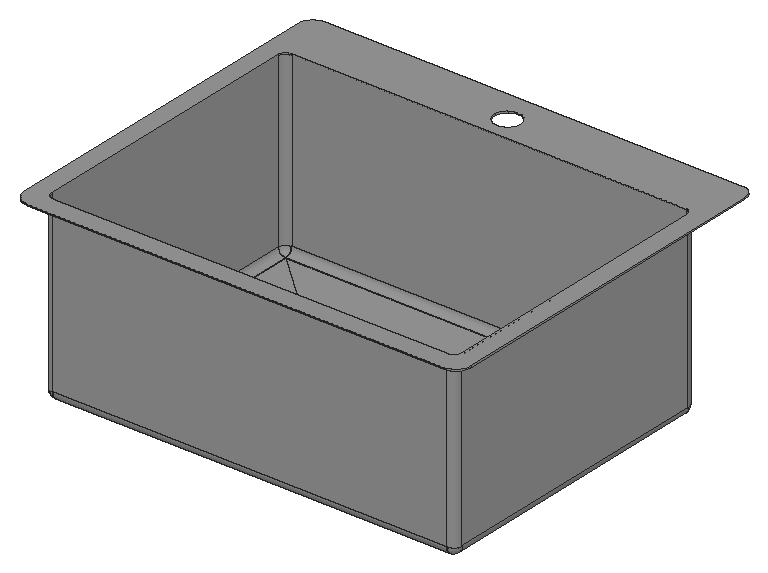
Revit family "BUILDMAT-TLAN004-River-600-Tap-Landing-Stainless-Steel", category Plumbing Fixtures, host Face, Revit 2020
Family settings
  Host = Face
  Round Connector Dimension = Use Diameter
  Part Type = Normal
  Cut with Voids When Loaded = No
  Shared = No
  Room Calculation Point = No
Parameters (values of type "River 600x500x250mm")
  Width = 550.0 mm
  Undermount [instance] = 0.0 mm
  URL = "https://www.buildmat.com.au/products/river-600-single-bowl-tap-landing-sink"
  Model = "TLAN004"  # constant formula
  Manufacturer URL = "https://www.buildmat.com.au/"
  Manufacturer = "BUILDMAT"  # constant formula
  Length = 400.0 mm
  Description = "BUILDMAT - River 600x500 Medium Single Bowl with Tap Landing Sink"  # constant formula
  Depth = 250.0 mm
  Default Elevation = 1219.2 mm
  Created By URL = "https://www.buildmat.com.au/"
  Created By = "BUILDMAT"  # constant formula
  Created = "22.06.2022"  # constant formula
  Material = BUILDMAT Stainless Steel
Reference planes
  plane 1 "Center (Front/Back)": y = 0
  plane 2: z = 0
  plane 3 "Center (Left/Right)": x = 0
  plane 4 "Top Substrate": z = 0
  plane 5 "Left": x = -275
  plane 6 "Right": x = 275
  plane 7 "Back": y = 200
  plane 8 "Front": y = -200
  plane 9: x = -300
  plane 10: x = 300
  plane 11: y = -225
  plane 12: y = 275
  plane 13 "Bottom Void": z = -250
  plane 14: z = 1.5
  plane 15: x = -276.5
  plane 16: y = -201.5
  plane 17: x = 276.5
  plane 18: y = 201.5
  plane 19: z = -240
  plane 20: z = -230
  plane 21: x = -265
  plane 22: x = 265
  plane 23: y = -190
  plane 24: y = 190
  plane 25: z = -245
  plane 26: z = -241.5
  plane 27: z = -246.5
  plane 28: x = -100
  plane 29: x = 100
  plane 30 "Sound Pad": z = -130
  plane 31 "Front Bracket": y = -100
  plane 32 "Back Bracket": y = 100
  plane 33: x = -175
  plane 34: x = 175
  plane 35: x = -57
  plane 36: x = 57
  plane 37: x = -45
  plane 38: x = 45
  plane 39: y = 232
  plane 40: y = 251.5
  plane 41: x = -288.2
  plane 42: z = -15
  plane 43: x = 288.2
  plane 44: x = -286.7
  plane 45: x = 286.7
Forms (mm)
  Extrusion 1, void
    sketch origin (0, 0, 0) x (1, 0, 0) y (0, 1, 0)
      loop
        arc (-265, 200) -> (-272.071, 197.071) -> (-275, 190) r 10
        line (-275, 190) -> (-275, -190)
        arc (-275, -190) -> (-272.071, -197.071) -> (-265, -200) r 10
        line (-265, -200) -> (265, -200)
        arc (265, -200) -> (272.071, -197.071) -> (275, -190) r 10
        line (275, -190) -> (275, 190)
        arc (275, 190) -> (272.071, 197.071) -> (265, 200) r 10
        line (265, 200) -> (-265, 200)
    from 0 to 1.5
  Extrusion 2, void
    sketch origin (0, 0, 0) x (1, 0, 0) y (0, 1, 0)
      loop
        line (-276.5, 201.5) -> (-276.5, -201.5) -> (276.5, -201.5) -> (276.5, 201.5) -> (-276.5, 201.5)
    from 0 to -250
  Extrusion 3, void
    sketch origin (0, 0, 0) x (1, 0, 0) y (0, 1, 0)
      loop
        arc (-280, 275) -> (-294.142, 269.142) -> (-300, 255) r 20
        line (-300, 255) -> (-300, -205)
        arc (-300, -205) -> (-294.142, -219.142) -> (-280, -225) r 20
        line (-280, -225) -> (280, -225)
        arc (280, -225) -> (294.142, -219.142) -> (300, -205) r 20
        line (300, -205) -> (300, 255)
        arc (300, 255) -> (294.142, 269.142) -> (280, 275) r 20
        line (280, 275) -> (-280, 275)
    from 1.5 to 0
  Extrusion 4, solid, material "BUILDMAT Stainless Steel" <- "Material"
    sketch origin (0, 0, 0) x (-1, 0, 0) y (0, -1, 0)
      loop
        arc (280, -275) -> (294.142, -269.142) -> (300, -255) r 20
        line (300, -255) -> (300, 205)
        arc (300, 205) -> (294.142, 219.142) -> (280, 225) r 20
        line (280, 225) -> (-280, 225)
        arc (-280, 225) -> (-294.142, 219.142) -> (-300, 205) r 20
        line (-300, 205) -> (-300, -255)
        arc (-300, -255) -> (-294.142, -269.142) -> (-280, -275) r 20
        line (-280, -275) -> (280, -275)
      loop
        arc (265, -200) -> (272.071, -197.071) -> (275, -190) r 10
        line (275, -190) -> (275, 190)
        arc (275, 190) -> (272.071, 197.071) -> (265, 200) r 10
        line (265, 200) -> (-265, 200)
        arc (-265, 200) -> (-272.071, 197.071) -> (-275, 190) r 10
        line (-275, 190) -> (-275, -190)
        arc (-275, -190) -> (-272.071, -197.071) -> (-265, -200) r 10
        line (-265, -200) -> (265, -200)
    from 0 to 1.5
  Extrusion 5, solid, material "BUILDMAT Stainless Steel" <- "Material"
    sketch origin (0, 0, 0) x (-1, 0, 0) y (0, -1, 0)
      loop
        arc (265, -201.5) -> (273.132, -198.132) -> (276.5, -190) r 11.5
        line (276.5, -190) -> (276.5, 190)
        arc (276.5, 190) -> (273.132, 198.132) -> (265, 201.5) r 11.5
        line (265, 201.5) -> (-265, 201.5)
        arc (-265, 201.5) -> (-273.132, 198.132) -> (-276.5, 190) r 11.5
        line (-276.5, 190) -> (-276.5, -190)
        arc (-276.5, -190) -> (-273.132, -198.132) -> (-265, -201.5) r 11.5
        line (-265, -201.5) -> (265, -201.5)
      loop
        arc (-265, 200) -> (-272.071, 197.071) -> (-275, 190) r 10
        line (-275, 190) -> (-275, -190)
        arc (-275, -190) -> (-272.071, -197.071) -> (-265, -200) r 10
        line (-265, -200) -> (265, -200)
        arc (265, -200) -> (272.071, -197.071) -> (275, -190) r 10
        line (275, -190) -> (275, 190)
        arc (275, 190) -> (272.071, 197.071) -> (265, 200) r 10
        line (265, 200) -> (-265, 200)
    from 0 to -230
  Revolve 6, solid, material "BUILDMAT Stainless Steel" <- "Material"
    sketch origin (-175.162, 190, 1219.2) x (-1, 0, 0) y (0, 0, 1)
      loop
        line (-450.162, -1449.2) -> (-451.662, -1449.2)
        arc (-451.662, -1449.2) -> (-448.293, -1457.332) -> (-440.162, -1460.7) r 11.5
        line (-440.162, -1460.7) -> (-440.162, -1459.2)
        arc (-440.162, -1459.2) -> (-447.233, -1456.271) -> (-450.162, -1449.2) r 10
      axis (-440.162, -1460.7) -> (-440.162, -1449.2)
    angle from 0 to -90
  Revolve 7, solid, material "BUILDMAT Stainless Steel" <- "Material"
    sketch origin (-175.162, 190, 1219.2) x (-1, 0, 0) y (0, 0, 1)
      loop
        arc (99.838, -1449.2) -> (96.909, -1456.271) -> (89.838, -1459.2) r 10
        line (89.838, -1459.2) -> (89.838, -1460.7)
        arc (89.838, -1460.7) -> (97.97, -1457.332) -> (101.338, -1449.2) r 11.5
        line (101.338, -1449.2) -> (99.838, -1449.2)
      axis (89.838, -1449.2) -> (89.838, -1460.7)
    angle from 0 to -90
  Revolve 8, solid, material "BUILDMAT Stainless Steel" <- "Material"
    sketch origin (-175.162, -190, 1219.2) x (-1, 0, 0) y (0, 0, 1)
      loop
        arc (99.838, -1449.2) -> (96.909, -1456.271) -> (89.838, -1459.2) r 10
        line (89.838, -1459.2) -> (89.838, -1460.7)
        arc (89.838, -1460.7) -> (97.97, -1457.332) -> (101.338, -1449.2) r 11.5
        line (101.338, -1449.2) -> (99.838, -1449.2)
      axis (89.838, -1449.2) -> (89.838, -1460.7)
    angle from 0 to 90
  Revolve 9, solid, material "BUILDMAT Stainless Steel" <- "Material"
    sketch origin (-175.162, -190, 1219.2) x (-1, 0, 0) y (0, 0, 1)
      loop
        line (-450.162, -1449.2) -> (-451.662, -1449.2)
        arc (-451.662, -1449.2) -> (-448.293, -1457.332) -> (-440.162, -1460.7) r 11.5
        line (-440.162, -1460.7) -> (-440.162, -1459.2)
        arc (-440.162, -1459.2) -> (-447.233, -1456.271) -> (-450.162, -1449.2) r 10
      axis (-440.162, -1449.2) -> (-440.162, -1460.7)
    angle from 0 to 90
  Extrusion 10, solid, material "BUILDMAT Stainless Steel" <- "Material"
    sketch origin (0, 0, 0) x (1, 0, 0) y (0, 0, 1)
      loop
        line (-275, -230) -> (-276.5, -230)
        arc (-276.5, -230) -> (-273.132, -238.132) -> (-265, -241.5) r 11.5
        line (-265, -241.5) -> (-265, -240)
        arc (-265, -240) -> (-272.071, -237.071) -> (-275, -230) r 10
    from -190 to 190
  Extrusion 11, solid, material "BUILDMAT Stainless Steel" <- "Material"
    sketch origin (0, 0, 0) x (1, 0, 0) y (0, 0, 1)
      loop
        arc (275, -230) -> (272.071, -237.071) -> (265, -240) r 10
        line (265, -240) -> (265, -241.5)
        arc (265, -241.5) -> (273.132, -238.132) -> (276.5, -230) r 11.5
        line (276.5, -230) -> (275, -230)
    from -190 to 190
  Extrusion 12, solid, material "BUILDMAT Stainless Steel" <- "Material"
    sketch origin (0, 0, 0) x (0, 1, 0) y (0, 0, 1)
      loop
        arc (200, -230) -> (197.071, -237.071) -> (190, -240) r 10
        line (190, -240) -> (190, -241.5)
        arc (190, -241.5) -> (198.132, -238.132) -> (201.5, -230) r 11.5
        line (201.5, -230) -> (200, -230)
    from -265 to 265
  Extrusion 13, solid, material "BUILDMAT Stainless Steel" <- "Material"
    sketch origin (0, 0, 0) x (0, 1, 0) y (0, 0, 1)
      loop
        line (-200, -230) -> (-201.5, -230)
        arc (-201.5, -230) -> (-198.132, -238.132) -> (-190, -241.5) r 11.5
        line (-190, -241.5) -> (-190, -240)
        arc (-190, -240) -> (-197.071, -237.071) -> (-200, -230) r 10
    from -265 to 265
  Revolve 14, solid, material "BUILDMAT Stainless Steel" <- "Material"
    sketch origin (0, 0, 0) x (1, 0, 0) y (0, 0, 1)
      loop
        line (-45, -250) -> (-45, -248.5)
        spline (-45, -248.5) -> (-46.484, -248.459) -> (-47.939, -248.339) -> (-49.337, -248.141) -> (-50.649, -247.871) -> (-51.848, -247.537) -> (-52.908, -247.151) -> (-53.805, -246.726) -> (-54.514, -246.283) -> (-55.023, -245.856) -> (-55.329, -245.483) -> (-55.468, -245.202) -> (-55.5, -245)
        line (-55.5, -245) -> (-57, -245)
        spline (-57, -245) -> (-56.897, -245.653) -> (-56.591, -246.294) -> (-56.087, -246.913) -> (-55.392, -247.5) -> (-54.52, -248.044) -> (-53.485, -248.536) -> (-52.305, -248.967) -> (-51, -249.33) -> (-49.592, -249.619) -> (-48.106, -249.83) -> (-46.566, -249.957) -> (-45, -250)
      axis (0, -245) -> (0, -250)
    angle from 0 to 360
  Blend 15, solid, material "BUILDMAT Stainless Steel" <- "Material"
    base sketch origin (0, 0, 0) x (-1, 0, 0) y (0, -1, 0)
      loop
        circle (0, 0) r 57
    top sketch origin (0, 0, 0) x (-1, 0, 0) y (0, -1, 0)
      loop
        line (265, -190) -> (265, 190) -> (-265, 190) -> (-265, -190) -> (265, -190)
    from -246.5 to -241.5
  Blend 16, void
    base sketch origin (0, 0, 0) x (-1, 0, 0) y (0, -1, 0)
      loop
        circle (0, 0) r 57
    top sketch origin (0, 0, 0) x (-1, 0, 0) y (0, -1, 0)
      loop
        line (265, -190) -> (265, 190) -> (-265, 190) -> (-265, -190) -> (265, -190)
    from -245 to -240
  Extrusion 17, solid, material "BUILDMAT Stainless Steel" <- "Material"
    sketch origin (0, 0, 0) x (-1, 0, 0) y (0, -1, 0)
      loop
        line (265, -190) -> (265, 190) -> (-265, 190) -> (-265, -190) -> (265, -190)
    from -241.5 to -240
  Extrusion 18, void
    sketch origin (0, 0, 0) x (-1, 0, 0) y (0, -1, 0)
      loop
        circle (0, 0) r 57
    from -250 to -230
  Extrusion 19, void
    sketch origin (0, 0, 0) x (-1, 0, 0) y (0, -1, 0)
      loop
        circle (0, -232) r 17.5
    from 0 to 100
Cuts and joins
  Extrusion 19 cuts Extrusion 4
  Extrusion 19 cuts Extrusion 5
  joined: Extrusion 4, Extrusion 5
  joined: Revolve 6, Revolve 9
  joined: Revolve 7, Revolve 8
  Blend 16, Extrusion 18 cuts Blend 15
  Blend 16, Extrusion 18 cuts Extrusion 17
  joined: Blend 15, Extrusion 17
Lines and regions (mm)
  Masking region 1
    outline origin (0, 0, 0) x (1, 0, 0) y (0, 0, 1)
      loop
        line (275, 0) -> (-275, 0) -> (-275, -230)
        arc (-275, -230) -> (-272.071, -237.071) -> (-265, -240) r 10
        line (-265, -240) -> (-57, -245) -> (57, -245) -> (265, -240)
        arc (265, -240) -> (272.071, -237.071) -> (275, -230) r 10
        line (275, -230) -> (275, 0)
  Masking region 2
    outline origin (0, 0, 0) x (1, 0, 0) y (0, 0, 1)
      loop
        line (-100, -245.466) -> (-100, -250) -> (-57, -250) -> (-57, -246.5) -> (-100, -245.466)
  Masking region 3
    outline origin (0, 0, 0) x (1, 0, 0) y (0, 0, 1)
      loop
        line (57, -246.5) -> (57, -250) -> (100, -250) -> (100, -245.466) -> (57, -246.5)
  Masking region 4
    outline origin (0, 0, 0) x (1, 0, 0) y (0, 0, 1)
      loop
        line (-288.2, 0) -> (-288.2, -15) -> (-286.7, -15) -> (-286.7, 0) -> (-288.2, 0)
  Masking region 5
    outline origin (0, 0, 0) x (1, 0, 0) y (0, 0, 1)
      loop
        line (286.7, 0) -> (286.7, -15) -> (288.2, -15) -> (288.2, 0) -> (286.7, 0)
Text (mm)
  text "Refer to www.buildmat.com.au for the most current product literature. \nAllow a +/- 5mm tolerance for dimensions shown in the product literature. \nPlease note product details are subject to change due to ongoing product development." at (0.056, -1035.857, 0), in view "Ref. Level"
Dimensions and locks
  "Undermount": plane 2 to plane 4 "Top Substrate"
  equal spacing: plane 5 "Left", plane 3 "Center (Left/Right)", plane 6 "Right"
  "Width": plane 5 "Left" to plane 6 "Right"
  "Length": plane 7 "Back" to plane 8 "Front"
  equal spacing: plane 7 "Back", plane 1 "Center (Front/Back)", plane 8 "Front"
  locked: plane 12 to plane 7 "Back" at 75
  locked: plane 8 "Front" to plane 11 at 25
  locked: plane 9 to plane 5 "Left" at 25
  locked: plane 6 "Right" to plane 10 at 25
  "Depth": plane 4 "Top Substrate" to plane 13 "Bottom Void"
  locked: plane 14 to plane 4 "Top Substrate" at 1.5
  locked: plane 18 to plane 7 "Back" at 1.5
  locked: plane 8 "Front" to plane 16 at 1.5
  plane 15 to plane 5 "Left" = 1.5 mm
  plane 6 "Right" to plane 17 = 1.5 mm
  plane 20 to plane 19 to plane 13 "Bottom Void" = 10.0 mm, 10.0 mm
  locked: plane 5 "Left" to plane 21 at 10
  locked: plane 22 to plane 6 "Right" at 10
  locked: plane 7 "Back" to plane 24 at 10
  locked: plane 23 to plane 8 "Front" at 10
  locked: plane 19 to plane 26 at 1.5
  locked: plane 25 to plane 13 "Bottom Void" at 5
  locked: plane 25 to plane 27 at 1.5
  plane 29 to plane 3 "Center (Left/Right)" to plane 28 = 100.0 mm locked, 100.0 mm locked
  locked: plane 30 "Sound Pad" to plane 13 "Bottom Void" at 120
  locked: plane 7 "Back" to plane 32 "Back Bracket" at 100
  locked: plane 31 "Front Bracket" to plane 8 "Front" at 100
  locked: plane 33 to plane 5 "Left" at 100
  locked: plane 6 "Right" to plane 34 at 100
  plane 37 to plane 3 "Center (Left/Right)" to plane 38 = 45.0 mm locked, 45.0 mm locked
  plane 35 to plane 3 "Center (Left/Right)" to plane 36 = 57.0 mm locked, 57.0 mm locked
  locked: plane 12 to plane 39 at 43
  locked: plane 40 to plane 18 at 50
  plane 44 to plane 41 to plane 9 = 1.5 mm locked, 11.8 mm locked
  plane 10 to plane 43 to plane 45 = 11.8 mm locked, 1.5 mm locked
  locked: plane 4 "Top Substrate" to plane 42 at 15
  aligned and locked: plane 2 to host face
  aligned and locked: level to host face
  aligned and locked: plane 8 "Front" to Extrusion 1 sketch curve
  aligned and locked: Extrusion 1 sketch curve to plane 7 "Back"
  aligned and locked: plane 5 "Left" to Extrusion 1 sketch curve
  aligned and locked: Extrusion 1 sketch curve to plane 6 "Right"
  aligned and locked: plane 2 to Extrusion 1
  aligned and locked: plane 14 to Extrusion 1
  aligned and locked: Extrusion 2 sketch curve to plane 16
  aligned and locked: Extrusion 2 sketch curve to plane 18
  aligned and locked: plane 15 to Extrusion 2 sketch curve
  aligned and locked: plane 17 to Extrusion 2 sketch curve
  aligned and locked: Extrusion 2 to plane 13 "Bottom Void"
  aligned and locked: plane 4 "Top Substrate" to Extrusion 2
  aligned and locked: Extrusion 3 sketch curve to plane 11
  aligned and locked: plane 9 to Extrusion 3 sketch curve
  aligned and locked: Extrusion 3 sketch curve to plane 10
  aligned and locked: Extrusion 3 sketch curve to plane 12
  aligned and locked: Extrusion 3 to plane 4 "Top Substrate"
  aligned and locked: Extrusion 3 to plane 14
  aligned and locked: Extrusion 4 sketch curve to plane 11
  aligned and locked: Extrusion 4 sketch curve to plane 12
  aligned and locked: plane 9 to Extrusion 4 sketch curve
  aligned and locked: Extrusion 4 sketch curve to plane 10
  aligned and locked: plane 5 "Left" to Extrusion 4 sketch curve
  aligned and locked: Extrusion 4 sketch curve to plane 6 "Right"
  aligned and locked: Extrusion 4 sketch curve to plane 7 "Back"
  aligned and locked: plane 8 "Front" to Extrusion 4 sketch curve
  aligned and locked: Extrusion 5 sketch curve to plane 7 "Back"
  aligned and locked: plane 5 "Left" to Extrusion 5 sketch curve
  aligned and locked: Extrusion 5 sketch curve to plane 6 "Right"
  aligned and locked: plane 8 "Front" to Extrusion 5 sketch curve
  aligned and locked: plane 15 to Extrusion 5 sketch curve
  aligned and locked: Extrusion 5 sketch curve to plane 16
  aligned and locked: plane 17 to Extrusion 5 sketch curve
  aligned and locked: Extrusion 5 sketch curve to plane 18
  aligned and locked: Extrusion 5 to plane 20
  aligned and locked: plane 4 "Top Substrate" to Extrusion 5
  aligned and locked: Extrusion 11 to plane 23
  aligned and locked: plane 24 to Extrusion 11
  aligned and locked: plane 24 to Extrusion 10
  aligned and locked: Extrusion 10 to plane 23
  aligned and locked: Extrusion 13 to plane 21
  aligned and locked: plane 22 to Extrusion 13
  aligned and locked: plane 22 to Extrusion 12
  aligned and locked: Extrusion 12 to plane 21
  aligned and locked: plane 21 to Blend 15 sketch curve
  aligned and locked: Blend 15 sketch curve to plane 22
  aligned and locked: Blend 15 sketch curve to plane 23
  aligned and locked: Blend 15 sketch curve to plane 24
  aligned and locked: plane 27 to Blend 15
  aligned and locked: Blend 15 to plane 26
  aligned and locked: Blend 16 sketch curve to plane 24
  aligned and locked: plane 21 to Blend 16 sketch curve
  aligned and locked: Blend 16 sketch curve to plane 22
  aligned and locked: Blend 16 sketch curve to plane 23
  aligned and locked: Blend 16 to plane 25
  aligned and locked: Blend 16 to plane 19
  aligned and locked: Extrusion 17 sketch curve to plane 24
  aligned and locked: Extrusion 17 sketch curve to plane 23
  aligned and locked: plane 21 to Extrusion 17 sketch curve
  aligned and locked: Extrusion 17 sketch curve to plane 22
  aligned and locked: Extrusion 17 to plane 26
  aligned and locked: Extrusion 17 to plane 19
  aligned and locked: Extrusion 18 to plane 13 "Bottom Void"
  aligned and locked: plane 20 to Extrusion 18
  aligned and locked: cut or joined group of Blend 15, Blend 16, Extrusion 17, Extrusion 18 to Masking region 2 sketch curve
  aligned and locked: Masking region 3 sketch curve to cut or joined group of Blend 15, Blend 16, Extrusion 17, Extrusion 18
  aligned and locked: plane 3 "Center (Left/Right)" to nested 1
  aligned and locked: nested 1 to plane 30 "Sound Pad"
  aligned and locked: plane 31 "Front Bracket" to nested 3
  aligned and locked: plane 15 to nested 3
  aligned and locked: plane 31 "Front Bracket" to nested 5
  aligned and locked: plane 17 to nested 5
  aligned and locked: plane 32 "Back Bracket" to nested 4
  aligned and locked: plane 17 to nested 4
  aligned and locked: plane 32 "Back Bracket" to nested 2
  aligned and locked: plane 15 to nested 2
  aligned and locked: nested 6 to plane 4 "Top Substrate"
  aligned and locked: nested 6 to plane 33
  aligned and locked: nested 7 to plane 4 "Top Substrate"
  aligned and locked: nested 7 to plane 34
  aligned and locked: nested 10 to plane 33
  aligned and locked: nested 11 to plane 34
  aligned and locked: plane 16 to nested 10
  aligned and locked: nested 11 to plane 16
  aligned and locked: plane 33 to nested 8
  aligned and locked: plane 34 to nested 9
  aligned and locked: nested 12 to plane 23
  aligned and locked: nested 12 to plane 24
  aligned and locked: plane 22 to nested 12
  aligned and locked: plane 21 to nested 12
  aligned and locked: plane 3 "Center (Left/Right)" to nested 13
  aligned and locked: plane 1 "Center (Front/Back)" to nested 13
  aligned and locked: plane 4 "Top Substrate" to Masking region 1
  aligned and locked: nested 9 to plane 40
  aligned and locked: nested 8 to plane 40
  aligned and locked: Extrusion 19 to plane 4 "Top Substrate"
  aligned and locked: Masking region 4 sketch curve to plane 4 "Top Substrate"
  aligned and locked: Masking region 4 sketch curve to plane 42
  aligned and locked: Masking region 4 sketch curve to plane 41
  aligned and locked: Masking region 4 sketch curve to plane 44
  aligned and locked: Masking region 5 sketch curve to plane 4 "Top Substrate"
  aligned and locked: plane 42 to Masking region 5 sketch curve
  aligned and locked: Masking region 5 sketch curve to plane 43
  aligned and locked: Masking region 5 sketch curve to plane 45
Automatic sketch dimensions
  host sketch curve to host sketch curve = 2438.4 mm  (x2)
  plane 5 "Left" to Extrusion 1 sketch curve = 10.0 mm  (x2)
  Extrusion 1 sketch curve to plane 6 "Right" = 10.0 mm  (x2)
  Extrusion 4 sketch curve to plane 10 = 20.0 mm  (x2)
  Extrusion 4 sketch curve to Extrusion 4 sketch curve = 10.0 mm  (x2)
  plane 5 "Left" to Extrusion 4 sketch curve = 10.0 mm
  plane 9 to Extrusion 4 sketch curve = 20.0 mm
  plane 8 "Front" to Extrusion 4 sketch curve = 10.0 mm
  plane 11 to Extrusion 4 sketch curve = 20.0 mm
  Extrusion 3 sketch curve to plane 5 "Left" = 5.0 mm
  plane 6 "Right" to Extrusion 3 sketch curve = 5.0 mm  (x2)
  plane 7 "Back" to Extrusion 3 sketch curve = 55.0 mm
  plane 5 "Left" to Extrusion 5 sketch curve = 10.0 mm
  Extrusion 5 sketch curve to plane 6 "Right" = 10.0 mm
  plane 8 "Front" to Extrusion 5 sketch curve = 10.0 mm
  Extrusion 5 sketch curve to plane 7 "Back" = 10.0 mm
  Extrusion 5 sketch curve to Extrusion 5 sketch curve = 0.0 mm  (x4)
  Revolve 6 sketch curve to Revolve 6 sketch curve = 0.0 mm  (x3)
  plane 17 to Revolve 6 sketch curve = 0.0 mm
  Revolve 6 sketch curve to plane 6 "Right" = 0.0 mm
  Revolve 6 sketch curve to plane 22 = 0.0 mm  (x2)
  Revolve 6 sketch curve to plane 19 = 0.0 mm
  Revolve 6 sketch curve to plane 20 = 0.0 mm
  Revolve 7 sketch curve to Revolve 7 sketch curve = 0.0 mm  (x3)
  Revolve 7 sketch curve to plane 20 = 0.0 mm  (x2)
  Revolve 7 sketch curve to plane 21 = 0.0 mm  (x2)
  Revolve 7 sketch curve to plane 5 "Left" = 0.0 mm
  Revolve 7 sketch curve to plane 15 = 0.0 mm
  Revolve 8 sketch curve to Revolve 8 sketch curve = 0.0 mm  (x3)
  Revolve 8 sketch curve to plane 20 = 0.0 mm  (x2)
  Revolve 8 sketch curve to plane 21 = 0.0 mm  (x2)
  Revolve 8 sketch curve to plane 5 "Left" = 0.0 mm
  Revolve 8 sketch curve to plane 15 = 0.0 mm
  Revolve 9 sketch curve to Revolve 9 sketch curve = 0.0 mm  (x3)
  plane 17 to Revolve 9 sketch curve = 0.0 mm
  Revolve 9 sketch curve to plane 6 "Right" = 0.0 mm
  Revolve 9 sketch curve to plane 22 = 0.0 mm  (x2)
  Revolve 9 sketch curve to plane 20 = 0.0 mm
  Revolve 9 sketch curve to plane 19 = 0.0 mm
  Extrusion 10 sketch curve to plane 15 = 0.0 mm
  Extrusion 10 sketch curve to plane 5 "Left" = 0.0 mm
  Extrusion 10 sketch curve to plane 19 = 0.0 mm
  Extrusion 10 sketch curve to plane 21 = 0.0 mm
  Extrusion 11 sketch curve to plane 20 = 0.0 mm
  Extrusion 11 sketch curve to plane 22 = 0.0 mm
  Extrusion 11 sketch curve to plane 6 "Right" = 0.0 mm
  plane 17 to Extrusion 11 sketch curve = 0.0 mm
  Extrusion 12 sketch curve to plane 20 = 0.0 mm
  Extrusion 12 sketch curve to plane 24 = 0.0 mm
  Extrusion 12 sketch curve to plane 7 "Back" = 0.0 mm
  Extrusion 12 sketch curve to plane 18 = 0.0 mm
  Extrusion 13 sketch curve to plane 16 = 0.0 mm
  Extrusion 13 sketch curve to plane 8 "Front" = 0.0 mm
  Extrusion 13 sketch curve to plane 23 = 0.0 mm
  Extrusion 13 sketch curve to plane 19 = 0.0 mm
  Revolve 14 sketch curve to plane 25 = 0.0 mm
  Revolve 14 sketch curve to plane 13 "Bottom Void" = 0.0 mm  (x2)
  Revolve 14 sketch curve to plane 3 "Center (Left/Right)" = 0.0 mm
  Revolve 14 sketch curve to plane 20 = 0.0 mm
  Revolve 14 sketch curve to plane 3 "Center (Left/Right)" = 45.0 mm
  Revolve 14 sketch curve to Revolve 14 sketch curve = 10.5 mm
  Revolve 14 sketch curve to Revolve 14 sketch curve = 1.5 mm  (x2)
  Revolve 14 sketch curve to Revolve 14 sketch curve = 0.0 mm
  plane 1 "Center (Front/Back)" to Blend 15 sketch curve = 0.0 mm
  Blend 15 sketch curve to plane 3 "Center (Left/Right)" = 0.0 mm
  plane 1 "Center (Front/Back)" to Blend 16 sketch curve = 0.0 mm
  Blend 16 sketch curve to plane 3 "Center (Left/Right)" = 0.0 mm
  plane 1 "Center (Front/Back)" to Extrusion 18 sketch curve = 0.0 mm
  Extrusion 18 sketch curve to plane 3 "Center (Left/Right)" = 0.0 mm
  Masking region 1 sketch curve to level = 0.0 mm
  Masking region 1 sketch curve to plane 20 = 0.0 mm
  Masking region 1 sketch curve to plane 21 = 0.0 mm
  Masking region 1 sketch curve to plane 25 = 0.0 mm
  Masking region 1 sketch curve to plane 3 "Center (Left/Right)" = 57.0 mm
  plane 3 "Center (Left/Right)" to Masking region 1 sketch curve = 57.0 mm
  Masking region 1 sketch curve to plane 19 = 0.0 mm
  Masking region 1 sketch curve to plane 22 = 0.0 mm
  Masking region 1 sketch curve to plane 6 "Right" = 0.0 mm
  Masking region 1 sketch curve to plane 5 "Left" = 0.0 mm
  Masking region 2 sketch curve to plane 28 = 0.0 mm
  Masking region 2 sketch curve to plane 13 "Bottom Void" = 0.0 mm
  Masking region 2 sketch curve to plane 27 = 0.0 mm
  Masking region 3 sketch curve to plane 27 = 0.0 mm
  Masking region 3 sketch curve to plane 13 "Bottom Void" = 0.0 mm
  Masking region 3 sketch curve to plane 29 = 0.0 mm
  Extrusion 19 sketch curve to plane 3 "Center (Left/Right)" = 0.0 mm
  Extrusion 19 sketch curve to plane 39 = 0.0 mm
  radius of Blend 15 sketch curve = 57.0 mm
  radius of Blend 16 sketch curve = 57.0 mm
  radius of Extrusion 18 sketch curve = 57.0 mm
  radius of Extrusion 19 sketch curve = 17.5 mm
Nested families
  nested 1: "SP_Front" at (0, 0, -130) x (1, 0, 0) z (0, -1, 0), type "SP_Front", not visible
  nested 2: "TMB_Plan" at (-276.5, 100, 0) x (0, 1, 0) z (0, 0, 1), type "TMB_Plan"
  nested 3: "TMB_Plan" at (-276.5, -100, 0) x (0, 1, 0) z (0, 0, 1), type "TMB_Plan"
  nested 4: "TMB_Plan" at (276.5, 100, 0) x (0, -1, 0) z (0, 0, 1), type "TMB_Plan"
  nested 5: "TMB_Plan" at (276.5, -100, 0) x (0, -1, 0) z (0, 0, 1), type "TMB_Plan"
  nested 6: "TMB_Front" at (-175, 0, 0) x (1, 0, 0) z (0, -1, 0), type "TMB_Front"
  nested 7: "TMB_Front" at (175, 0, 0) x (1, 0, 0) z (0, -1, 0), type "TMB_Front"
  nested 8: "TMB_Plan" at (-175, 251.5, 0), type "TMB_Plan"
  nested 9: "TMB_Plan" at (175, 251.5, 0), type "TMB_Plan"
  nested 10: "TMB_Plan" at (-175, -201.5, 0) x (-1, 0, 0) z (0, 0, 1), type "TMB_Plan"
  nested 11: "TMB_Plan" at (175, -201.5, 0) x (-1, 0, 0) z (0, 0, 1), type "TMB_Plan"
  nested 12: "BOWL Plan" at (0, 0, -130), type "BOWL Plan"
    with Width 530.0 mm, Lenght 380.0 mm
  nested 13: "DRAIN" at (0, 0, 0), type "DRAIN"
Definition of nested family "SP_Front"
  Reference planes
    plane 1 "Center (Elevation)": y = 0
    plane 2: z = 0
    plane 3 "Center (Left/Right)": x = 0
  Lines and regions (mm)
    Masking region 1, in view "Ref. Level"
      outline origin (0, 0, 0) x (1, 0, 0) y (0, 1, 0)
        loop
          arc (-50, 40) -> (-57.071, 37.071) -> (-60, 30) r 10
          line (-60, 30) -> (-60, -30)
          arc (-60, -30) -> (-57.071, -37.071) -> (-50, -40) r 10
          line (-50, -40) -> (50, -40)
          arc (50, -40) -> (57.071, -37.071) -> (60, -30) r 10
          line (60, -30) -> (60, 30)
          arc (60, 30) -> (57.071, 37.071) -> (50, 40) r 10
          line (50, 40) -> (-50, 40)
    detail lines, in view "Ref. Level"
      curve 1: line (-50, 40, 0) -> (50, 40, 0)
      curve 2: line (50, -40, 0) -> (-50, -40, 0)
      curve 3: line (60, 30, 0) -> (60, -30, 0)
      curve 4: line (-60, 30, 0) -> (-60, -30, 0)
      curve 5: arc (-50, 40, 0) -> (-57.071, 37.071, 0) -> (-60, 30, 0) r 10
      curve 6: arc (-60, -30, 0) -> (-57.071, -37.071, 0) -> (-50, -40, 0) r 10
      curve 7: arc (50, -40, 0) -> (57.071, -37.071, 0) -> (60, -30, 0) r 10
      curve 8: arc (60, 30, 0) -> (57.071, 37.071, 0) -> (50, 40, 0) r 10
  Dimensions and locks
    aligned and locked: Masking region 1 sketch curve to curve 1
    aligned and locked: Masking region 1 sketch curve to curve 4
    aligned and locked: Masking region 1 sketch curve to curve 2
    aligned and locked: Masking region 1 sketch curve to curve 3
Definition of nested family "TMB_Plan"
  Reference planes
    plane 1 "Center (Front/Back)": y = 0
    plane 2: z = 0
    plane 3 "Center (Left/Right)": x = 0
  Lines and regions (mm)
    detail lines, in view "Ref. Level"
      curve 1: line (-17.5, 0, 0) -> (17.5, 0, 0)
      curve 2: line (17.5, 0, 0) -> (17.5, 5, 0)
      curve 3: line (17.5, 5, 0) -> (12.5, 5, 0)
      curve 4: line (-17.5, 0, 0) -> (-17.5, 5, 0)
      curve 5: line (-17.5, 5, 0) -> (-12.5, 5, 0)
Definition of nested family "TMB_Front"
  Reference planes
    plane 1 "Center (Elevation)": y = 0
    plane 2: z = 0
    plane 3 "Center (Left/Right)": x = 0
  Lines and regions (mm)
    Masking region 1, in view "Ref. Level"
      outline origin (0, 0, 0) x (1, 0, 0) y (0, 1, 0)
        loop
          line (-17.5, 0) -> (-17.5, -80) -> (17.5, -80) -> (17.5, 0) -> (-17.5, 0)
    detail lines, in view "Ref. Level"
      curve 1: line (-17.5, 0, 0) -> (-17.5, -80, 0)
      curve 2: line (-17.5, -80, 0) -> (17.5, -80, 0)
      curve 3: line (17.5, -80, 0) -> (17.5, 0, 0)
      curve 4: line (-12.5, -50, 0) -> (12.5, -50, 0)
      curve 5: line (-12.5, -75, 0) -> (-12.5, -50, 0)
      curve 6: line (12.5, -75, 0) -> (-12.5, -75, 0)
      curve 7: line (12.5, -50, 0) -> (12.5, -75, 0)
Definition of nested family "BOWL Plan"
  Parameters (values of type "BOWL Plan")
    Width [instance] = 600.0 mm
    Lenght [instance] = 400.0 mm
  Reference planes
    plane 1 "Center (Front/Back)": y = 0
    plane 2: z = 0
    plane 3 "Center (Left/Right)": x = 0
    plane 4 "Left": x = -300
    plane 5 "Right": x = 300
    plane 6 "Back": y = 200
    plane 7 "Front": y = -200
  Lines and regions (mm)
    Masking region 1, in view "Ref. Level"
      outline origin (0, 0, 0) x (1, 0, 0) y (0, 1, 0)
        loop
          line (-300, 200) -> (-300, -200) -> (300, -200) -> (300, 200) -> (-300, 200)
    detail lines, in view "Ref. Level"
      curve 1: line (-300, 200, 0) -> (300, -200, 0)
      curve 2: line (-300, -200, 0) -> (300, 200, 0)
  Dimensions and locks
    equal spacing: plane 6 "Back", plane 1 "Center (Front/Back)", plane 7 "Front"
    "Lenght": plane 6 "Back" to plane 7 "Front"
    equal spacing: plane 4 "Left", plane 3 "Center (Left/Right)", plane 5 "Right"
    "Width": plane 4 "Left" to plane 5 "Right"
    aligned and locked: plane 4 "Left" to Masking region 1 sketch curve
    aligned and locked: Masking region 1 sketch curve to plane 5 "Right"
    aligned and locked: plane 7 "Front" to Masking region 1 sketch curve
    aligned and locked: Masking region 1 sketch curve to plane 6 "Back"
  Automatic sketch dimensions
    curve 2 to plane 4 "Left" = 0.0 mm
    curve 1 to plane 4 "Left" = 0.0 mm
    curve 2 to plane 5 "Right" = 0.0 mm
    curve 1 to plane 5 "Right" = 0.0 mm
    curve 1 to plane 7 "Front" = 0.0 mm
    curve 2 to plane 7 "Front" = 0.0 mm
    curve 2 to plane 6 "Back" = 0.0 mm
    curve 1 to plane 6 "Back" = 0.0 mm
Definition of nested family "DRAIN"
  Reference planes
    plane 1 "Center (Front/Back)": y = 0
    plane 2: z = 0
    plane 3 "Center (Left/Right)": x = 0
  Lines and regions (mm)
    Masking region 1, in view "Ref. Level"
      outline origin (0, 0, 0) x (1, 0, 0) y (0, 1, 0)
        loop
          circle (0, 0) r 57
    detail lines, in view "Ref. Level"
      curve 1: circle (0, 0, 0) r 45 normal (0, 0, 1)
      curve 2: circle (0, 0, 0) r 55.5 normal (0, 0, 1)
